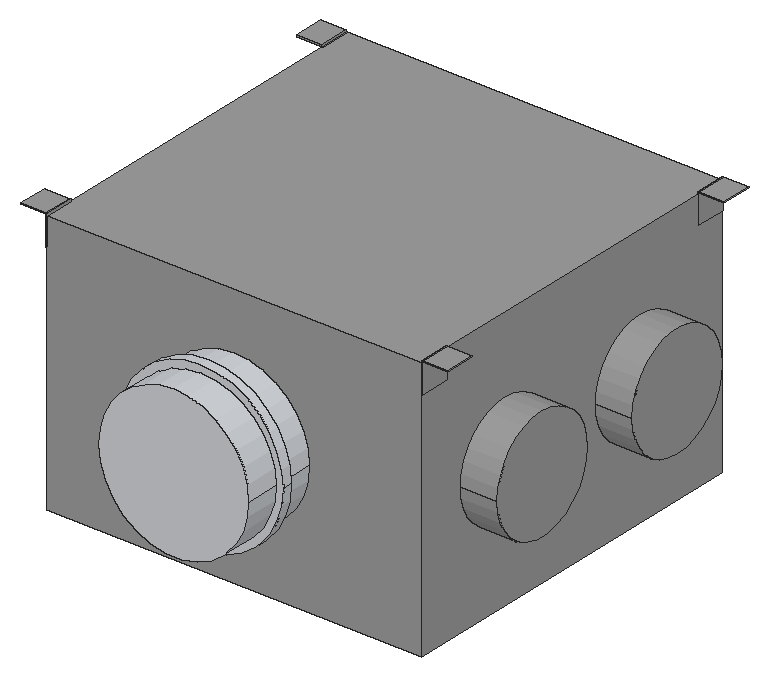
Revit family "FASU(F4-150 200Φ)", category ダクト付属品, Revit 2020
Family settings
  丸型コネクタ寸法 = 直径を使用
  パーツ タイプ = ダンパー
  OmniClass 番号 = 23.75.00.00
  OmniClass タイトル = Climate Control (HVAC)
  作業面ベース = いいえ
  常に垂直 = はい
  ロード時にボイドで切り取り = いいえ
  共有 = いいえ
Parameters
  高さ = 350 mm
  風量 = 0.0 L/s
  符号 = "FASU"
  形式 = "F4-150 200φ"
  幅 [instance] = 500 mm
  奥行き = 500 mm
  大きさ = 200 mm
  呼称 = "FASUチャンバー"
  付属品_下端レベル [instance] = 0 mm
  マテリアル [instance] = 既定値
  ダクト_イン = 200 mm
  ダクト_アウト = 150 mm
  既定の高さ = 0 mm
Reference planes
  plane 1 "中心(正面/背面)": y = 0
  plane 2: z = 0
  plane 3 "中心(左/右)": x = 0
  plane 4: x = -250
  plane 5: x = 250
  plane 6: y = -500
  plane 7: z = 350
  plane 8: z = 175
  plane 9: z = 266.963
  plane 10: z = 86.159
  plane 11: x = -251
  plane 12: z = 313.122
  plane 13: z = 352.122
  plane 14: y = -250
Forms (mm)
  Extrusion 1, solid, material "既定値" <- "マテリアル"
    sketch origin (0, 0, 0) x (1, 0, 0) y (0, 1, 0)
      loop
        line (-250, 0) -> (-250, -500) -> (250, -500) -> (250, 0) -> (-250, 0)
    from 0 to 350
  Extrusion 2, solid, material "既定値" <- "マテリアル"
    sketch origin (0, -30, 0) x (0, 1, 0) y (0, 0, 1)
      loop
        circle (-332.5, 175) r 74.985
    from -300 to -250
  Extrusion 3, solid, material "既定値" <- "マテリアル"
    sketch origin (550, -30, 0) x (0, 1, 0) y (0, 0, 1)
      loop
        circle (-332.5, 175) r 74.985
    from -300 to -250
  Extrusion 4, solid, material "既定値" <- "マテリアル"
    sketch origin (0, -30, 0) x (1, 0, 0) y (0, 1, 0)
      loop
        line (-250, 30) -> (-251, 30) -> (-251, -10) -> (-250, -10) -> (-250, 30)
    from 313.122 to 350
  Extrusion 5, solid, material "既定値" <- "マテリアル"
    sketch origin (0, -30, 0) x (1, 0, 0) y (0, 1, 0)
      loop
        line (-285, 30) -> (-285, -10) -> (-251, -10) -> (-251, 30) -> (-285, 30)
    from 352.122 to 350
  Extrusion 6, solid, material "既定値" <- "マテリアル"
    sketch origin (0, -30, 0) x (-1, 0, 0) y (0, -1, 0)
      loop
        line (-250, -30) -> (-250, 10) -> (-251, 10) -> (-251, -30) -> (-250, -30)
    from 313.122 to 353.122
  Extrusion 7, solid, material "既定値" <- "マテリアル"
    sketch origin (0, -30, 0) x (-1, 0, 0) y (0, -1, 0)
      loop
        line (-285, -30) -> (-251, -30) -> (-251, 10) -> (-285, 10) -> (-285, -30)
    from 352.122 to 353.122
  Extrusion 8, solid, material "既定値" <- "マテリアル"
    sketch origin (0, -490, 0) x (1, 0, 0) y (0, 1, 0)
      loop
        line (-285, 30) -> (-285, -10) -> (-251, -10) -> (-251, 30) -> (-285, 30)
    from 352.122 to 353.122
  Extrusion 9, solid, material "既定値" <- "マテリアル"
    sketch origin (0, -490, 0) x (1, 0, 0) y (0, 1, 0)
      loop
        line (-250, 30) -> (-251, 30) -> (-251, -10) -> (-250, -10) -> (-250, 30)
    from 313.122 to 353.122
  Extrusion 10, solid, material "既定値" <- "マテリアル"
    sketch origin (0, -490, 0) x (-1, 0, 0) y (0, -1, 0)
      loop
        line (-285, -30) -> (-251, -30) -> (-251, 10) -> (-285, 10) -> (-285, -30)
    from 352.122 to 353.122
  Extrusion 11, solid, material "既定値" <- "マテリアル"
    sketch origin (0, -490, 0) x (-1, 0, 0) y (0, -1, 0)
      loop
        line (-250, -30) -> (-250, 10) -> (-251, 10) -> (-251, -30) -> (-250, -30)
    from 313.122 to 353.122
  Extrusion 12, solid, material "既定値" <- "マテリアル"
    sketch origin (550, -470, 0) x (0, -1, 0) y (0, 0, -1)
      loop
        circle (-332.5, -175) r 74.985
    from -300 to -250
  Extrusion 13, solid, material "既定値" <- "マテリアル"
    sketch origin (-550, -470, 0) x (0, -1, 0) y (0, 0, 1)
      loop
        circle (-332.5, 175) r 74.985
    from -300 to -250
  Extrusion 14, solid
    sketch origin (945.05, 0, 42.896) x (1, 0, 0) y (0, 0, 1)
      loop
        circle (-945.05, 132.104) r 100
    from 500 to 542.5
  Extrusion 15, solid
    sketch origin (945.05, -57.5, 42.896) x (1, 0, 0) y (0, 0, 1)
      loop
        circle (-945.05, 132.104) r 100
    from 497.907 to 542.5
  Extrusion 16, solid
    sketch origin (0, 0, 0) x (1, 0, 0) y (0, 0, 1)
      loop
        circle (0, 175) r 110
    from 542.5 to 555.407
Lines and regions (mm)
  model lines
    curve 1: line (-250, -30, 0) -> (250, -30, 0)
    curve 2: line (-250, -470, 0) -> (250, -470, 0)
Text (mm)
  text "FASU(F4-150 200Φ)" at (120.822, -450.782, 0), in view "参照レベル"
Dimensions and locks
  equal spacing: plane 4, plane 3 "中心(左/右)", plane 5
  "幅": plane 4 to plane 5
  "奥行き": plane 6 to plane 1 "中心(正面/背面)"
  "高さ": plane 7 to level
  equal spacing: plane 7, plane 8, level
  equal spacing: plane 6, plane 14, plane 1 "中心(正面/背面)"
  aligned and locked: level to plane 2
  aligned and locked: Extrusion 1 sketch curve to plane 5
  aligned and locked: plane 7 to Extrusion 1
  aligned and locked: plane 4 to Extrusion 2
  aligned and locked: Extrusion 3 to plane 5
  aligned and locked: Extrusion 4 sketch curve to Extrusion 1
  aligned and locked: plane 7 to Extrusion 4
  aligned and locked: Extrusion 5 sketch curve to Extrusion 4
  aligned and locked: Extrusion 4 to Extrusion 5 sketch curve
  aligned and locked: plane 7 to Extrusion 5
  aligned and locked: Extrusion 5 to plane 13
  aligned and locked: Extrusion 6 to Extrusion 7 sketch curve
  aligned and locked: Extrusion 7 sketch curve to Extrusion 6
  aligned and locked: Extrusion 1 to Extrusion 10
  aligned and locked: Extrusion 8 to Extrusion 1
  aligned and locked: Extrusion 9 to Extrusion 1
  aligned and locked: Extrusion 1 to Extrusion 11
  aligned and locked: Extrusion 11 to Extrusion 10
  aligned and locked: Extrusion 9 to Extrusion 8
  aligned and locked: plane 4 to Extrusion 9
  aligned and locked: Extrusion 11 to plane 5
  aligned and locked: plane 4 to curve 1
  aligned and locked: plane 5 to curve 1
  aligned and locked: plane 5 to curve 2
  aligned and locked: plane 4 to curve 2
  aligned and locked: Extrusion 1 to Extrusion 5
  aligned and locked: Extrusion 7 to Extrusion 1
  aligned and locked: Extrusion 6 to plane 5
  aligned and locked: Extrusion 1 to plane 6
  aligned and locked: Extrusion 1 to plane 1 "中心(正面/背面)"
  aligned and locked: Extrusion 12 to plane 5
  aligned and locked: plane 4 to Extrusion 13
  aligned and locked: plane 6 to Extrusion 14
  aligned and locked: Extrusion 14 to Extrusion 16
  aligned and locked: Extrusion 16 to Extrusion 15
Automatic sketch dimensions
  plane 6 to curve 2 = 30 mm
  plane 1 "中心(正面/背面)" to curve 1 = 30 mm
  Extrusion 1 sketch curve to plane 4 = 0 mm
  Extrusion 1 sketch curve to plane 6 = 0 mm
  plane 1 "中心(正面/背面)" to Extrusion 1 sketch curve = 0 mm
  Extrusion 2 sketch curve to plane 8 = 0 mm
  Extrusion 2 sketch curve to plane 14 = 112.5 mm
  Extrusion 3 sketch curve to plane 8 = 0 mm
  Extrusion 3 sketch curve to plane 14 = 112.5 mm
  plane 1 "中心(正面/背面)" to Extrusion 4 sketch curve = 0 mm
  Extrusion 4 sketch curve to plane 11 = 0 mm
  Extrusion 4 sketch curve to Extrusion 4 sketch curve = 40 mm
  plane 1 "中心(正面/背面)" to Extrusion 5 sketch curve = 0 mm
  Extrusion 5 sketch curve to Extrusion 5 sketch curve = 34 mm
  plane 1 "中心(正面/背面)" to Extrusion 6 sketch curve = 0 mm
  Extrusion 6 sketch curve to plane 5 = 0 mm
  Extrusion 6 sketch curve to Extrusion 6 sketch curve = 1 mm
  Extrusion 6 sketch curve to Extrusion 6 sketch curve = 40 mm
  plane 1 "中心(正面/背面)" to Extrusion 7 sketch curve = 0 mm
  Extrusion 7 sketch curve to Extrusion 7 sketch curve = 34 mm
  Extrusion 8 sketch curve to plane 6 = 0 mm
  Extrusion 8 sketch curve to plane 11 = 0 mm
  Extrusion 8 sketch curve to Extrusion 8 sketch curve = 34 mm
  plane 6 to Extrusion 8 sketch curve = 40 mm
  Extrusion 9 sketch curve to plane 11 = 0 mm
  Extrusion 9 sketch curve to plane 4 = 0 mm
  Extrusion 9 sketch curve to plane 6 = 0 mm
  plane 6 to Extrusion 9 sketch curve = 40 mm
  Extrusion 10 sketch curve to plane 6 = 0 mm
  Extrusion 10 sketch curve to plane 5 = 35 mm
  Extrusion 10 sketch curve to plane 5 = 1 mm
  Extrusion 10 sketch curve to plane 6 = 40 mm
  Extrusion 11 sketch curve to plane 6 = 0 mm
  Extrusion 11 sketch curve to plane 5 = 0 mm
  Extrusion 11 sketch curve to Extrusion 11 sketch curve = 1 mm
  Extrusion 11 sketch curve to plane 6 = 40 mm
  Extrusion 12 sketch curve to plane 8 = 0 mm
  plane 14 to Extrusion 12 sketch curve = 112.5 mm
  Extrusion 13 sketch curve to plane 8 = 0 mm
  plane 14 to Extrusion 13 sketch curve = 112.5 mm
  Extrusion 14 sketch curve to plane 3 "中心(左/右)" = 0 mm
  Extrusion 14 sketch curve to plane 8 = 0 mm
  Extrusion 15 sketch curve to plane 3 "中心(左/右)" = 0 mm
  plane 8 to Extrusion 15 sketch curve = 0 mm
  Extrusion 16 sketch curve to plane 3 "中心(左/右)" = 0 mm
  Extrusion 16 sketch curve to plane 8 = 0 mm
  radius of Extrusion 2 sketch curve = 74.985 mm
  radius of Extrusion 3 sketch curve = 74.985 mm
  radius of Extrusion 12 sketch curve = 74.985 mm
  radius of Extrusion 13 sketch curve = 74.985 mm
  radius of Extrusion 14 sketch curve = 100 mm
  radius of Extrusion 15 sketch curve = 100 mm
  radius of Extrusion 16 sketch curve = 110 mm
Connectors
  hvac at (-300, -362.5, 175), driven by "ダクト_アウト"
    settings: on Extrusion 2, index 1, duct flow 0.0 L/s, flow factor 0, pres drop 0.0 Pa, loss coef 0, conn angle 0.00°, conn width 304.8 mm, conn height 304.8 mm, conn diameter 150 mm, duct sys type 29, conn prof type 0, flow config 0, flow direction 2, loss method 0, conn ref index -1, conn util no, is conn primary yes, conn desc ""
  hvac at (-300, -137.5, 175), driven by "ダクト_アウト"
    settings: on Extrusion 13, index 2, duct flow 0.0 L/s, flow factor 0, pres drop 0.0 Pa, loss coef 0, conn angle 0.00°, conn width 304.8 mm, conn height 304.8 mm, conn diameter 150 mm, duct sys type 29, conn prof type 0, flow config 0, flow direction 2, loss method 0, conn ref index -1, conn util no, is conn primary no, conn desc ""
  hvac at (300, -362.5, 175), driven by "ダクト_アウト"
    settings: on Extrusion 3, index 3, duct flow 0.0 L/s, flow factor 0, pres drop 0.0 Pa, loss coef 0, conn angle 0.00°, conn width 304.8 mm, conn height 304.8 mm, conn diameter 150 mm, duct sys type 29, conn prof type 0, flow config 0, flow direction 2, loss method 0, conn ref index -1, conn util no, is conn primary no, conn desc ""
  hvac at (300, -137.5, 175), driven by "ダクト_アウト"
    settings: on Extrusion 12, index 4, duct flow 0.0 L/s, flow factor 0, pres drop 0.0 Pa, loss coef 0, conn angle 0.00°, conn width 304.8 mm, conn height 304.8 mm, conn diameter 150 mm, duct sys type 29, conn prof type 0, flow config 0, flow direction 2, loss method 0, conn ref index -1, conn util no, is conn primary no, conn desc ""
  hvac at (0, -600, 175)
    settings: on Extrusion 15, index 5, duct flow 0.0 L/s, flow factor 0, pres drop 0.0 Pa, loss coef 0, conn angle 0.00°, conn width 304.8 mm, conn height 304.8 mm, conn diameter 200 mm, duct sys type 29, conn prof type 0, flow config 0, flow direction 1, loss method 0, conn ref index -1, conn util no, is conn primary no, conn desc ""
